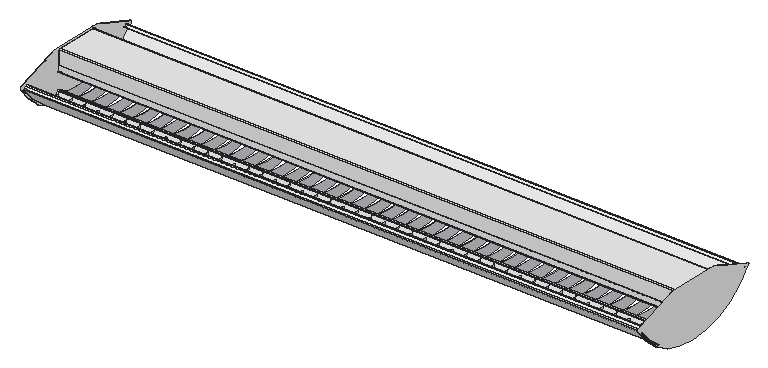
Revit family "LCBA46", category Lighting Fixtures, host Ceiling, Revit 2019 (continued)
Automatic sketch dimensions
  Extrusion 23 sketch curve to Extrusion 23 sketch curve = 0' - 1.81406"
  Extrusion 23 sketch curve to Extrusion 23 sketch curve = 0' - 0"
  Extrusion 23 sketch curve to Extrusion 23 sketch curve = 0' - 3.62674"
  Extrusion 23 sketch curve to Extrusion 23 sketch curve = 0' - 0.001"
  Extrusion 23 sketch curve to Extrusion 23 sketch curve = 0' - 0.13108"
  Extrusion 23 sketch curve to Extrusion 23 sketch curve = 0' - 0.13208"
  Extrusion 23 sketch curve to Extrusion 23 sketch curve = 0' - 0.00107"
  Extrusion 23 sketch curve to Extrusion 23 sketch curve = 0' - 0.00122"
  Extrusion 23 sketch curve to Extrusion 23 sketch curve = 0' - 0.06156"
  Extrusion 23 sketch curve to Extrusion 23 sketch curve = 0' - 0.0618"
  Extrusion 23 sketch curve to Extrusion 23 sketch curve = 0' - 0.29238"
  Extrusion 23 sketch curve to Extrusion 23 sketch curve = 0' - 0.29385"
  Extrusion 23 sketch curve to Extrusion 23 sketch curve = 0' - 0.0434"
  Extrusion 24 sketch curve to Extrusion 24 sketch curve = 0' - 0.05373"
  Extrusion 24 sketch curve to Extrusion 24 sketch curve = 0' - 0.00404"
  Extrusion 24 sketch curve to Extrusion 24 sketch curve = 0' - 0.11777"
  Extrusion 24 sketch curve to Extrusion 24 sketch curve = 0' - 0.06782"
  Extrusion 24 sketch curve to Extrusion 24 sketch curve = 0' - 0.11432"
  Extrusion 24 sketch curve to Extrusion 24 sketch curve = 0' - 0.1164"
  Extrusion 24 sketch curve to Extrusion 24 sketch curve = 0' - 0.04361"
  Extrusion 24 sketch curve to Extrusion 24 sketch curve = 0' - 0.05878"
  Extrusion 24 sketch curve to Extrusion 24 sketch curve = 0' - 0.03078"
  Extrusion 24 sketch curve to Extrusion 24 sketch curve = 0' - 0.03216"
  Extrusion 24 sketch curve to Extrusion 24 sketch curve = 0' - 0.05729"
  Extrusion 24 sketch curve to Extrusion 24 sketch curve = 0' - 0.04577"
  Extrusion 24 sketch curve to Extrusion 24 sketch curve = 0' - 0.06545"
  Extrusion 24 sketch curve to Extrusion 24 sketch curve = 0' - 0.04916"
  Extrusion 24 sketch curve to Extrusion 24 sketch curve = 0' - 0.11521"
  Extrusion 24 sketch curve to Extrusion 24 sketch curve = 0' - 0.11015"
  Extrusion 24 sketch curve to Extrusion 24 sketch curve = 0' - 0.0006"
  Extrusion 24 sketch curve to Extrusion 24 sketch curve = 0' - 0.05701"
  Extrusion 24 sketch curve to Extrusion 24 sketch curve = 0' - 0.04319"
  Extrusion 24 sketch curve to Extrusion 24 sketch curve = 0' - 0.02204"
  Extrusion 24 sketch curve to Extrusion 24 sketch curve = 0' - 0.02148"
  Extrusion 24 sketch curve to Extrusion 24 sketch curve = 0' - 0.08216"
  Extrusion 24 sketch curve to Extrusion 24 sketch curve = 0' - 0.08261"
  Extrusion 24 sketch curve to Extrusion 24 sketch curve = 0' - 1.81406"
  Extrusion 24 sketch curve to Extrusion 24 sketch curve = 0' - 0"
  Extrusion 24 sketch curve to Extrusion 24 sketch curve = 0' - 3.62674"
  Extrusion 24 sketch curve to Extrusion 24 sketch curve = 0' - 0.001"
  Extrusion 24 sketch curve to Extrusion 24 sketch curve = 0' - 0.13108"
  Extrusion 24 sketch curve to Extrusion 24 sketch curve = 0' - 0.13208"
  Extrusion 24 sketch curve to Extrusion 24 sketch curve = 0' - 0.00107"
  Extrusion 24 sketch curve to Extrusion 24 sketch curve = 0' - 0.00122"
  Extrusion 24 sketch curve to Extrusion 24 sketch curve = 0' - 0.06156"
  Extrusion 24 sketch curve to Extrusion 24 sketch curve = 0' - 0.0618"
  Extrusion 24 sketch curve to Extrusion 24 sketch curve = 0' - 0.29238"
  Extrusion 24 sketch curve to Extrusion 24 sketch curve = 0' - 0.29385"
  Extrusion 24 sketch curve to Extrusion 24 sketch curve = 0' - 0.0434"
  Extrusion 25 sketch curve to Extrusion 25 sketch curve = 0' - 0.05373"
  Extrusion 25 sketch curve to Extrusion 25 sketch curve = 0' - 0.00404"
  Extrusion 25 sketch curve to Extrusion 25 sketch curve = 0' - 0.11777"
  Extrusion 25 sketch curve to Extrusion 25 sketch curve = 0' - 0.06782"
  Extrusion 25 sketch curve to Extrusion 25 sketch curve = 0' - 0.11432"
  Extrusion 25 sketch curve to Extrusion 25 sketch curve = 0' - 0.1164"
  Extrusion 25 sketch curve to Extrusion 25 sketch curve = 0' - 0.04361"
  Extrusion 25 sketch curve to Extrusion 25 sketch curve = 0' - 0.05878"
  Extrusion 25 sketch curve to Extrusion 25 sketch curve = 0' - 0.03078"
  Extrusion 25 sketch curve to Extrusion 25 sketch curve = 0' - 0.03216"
  Extrusion 25 sketch curve to Extrusion 25 sketch curve = 0' - 0.05729"
  Extrusion 25 sketch curve to Extrusion 25 sketch curve = 0' - 0.04577"
  Extrusion 25 sketch curve to Extrusion 25 sketch curve = 0' - 0.06545"
  Extrusion 25 sketch curve to Extrusion 25 sketch curve = 0' - 0.04916"
  Extrusion 25 sketch curve to Extrusion 25 sketch curve = 0' - 0.11521"
  Extrusion 25 sketch curve to Extrusion 25 sketch curve = 0' - 0.11015"
  Extrusion 25 sketch curve to Extrusion 25 sketch curve = 0' - 0.0006"
  Extrusion 25 sketch curve to Extrusion 25 sketch curve = 0' - 0.05701"
  Extrusion 25 sketch curve to Extrusion 25 sketch curve = 0' - 0.04319"
  Extrusion 25 sketch curve to Extrusion 25 sketch curve = 0' - 0.02204"
  Extrusion 25 sketch curve to Extrusion 25 sketch curve = 0' - 0.02148"
  Extrusion 25 sketch curve to Extrusion 25 sketch curve = 0' - 0.08216"
  Extrusion 25 sketch curve to Extrusion 25 sketch curve = 0' - 0.08261"
  Extrusion 25 sketch curve to Extrusion 25 sketch curve = 0' - 1.81406"
  Extrusion 25 sketch curve to Extrusion 25 sketch curve = 0' - 0"
  Extrusion 25 sketch curve to Extrusion 25 sketch curve = 0' - 3.62674"
  Extrusion 25 sketch curve to Extrusion 25 sketch curve = 0' - 0.001"
  Extrusion 25 sketch curve to Extrusion 25 sketch curve = 0' - 0.13108"
  Extrusion 25 sketch curve to Extrusion 25 sketch curve = 0' - 0.13208"
  Extrusion 25 sketch curve to Extrusion 25 sketch curve = 0' - 0.00107"
  Extrusion 25 sketch curve to Extrusion 25 sketch curve = 0' - 0.00122"
  Extrusion 25 sketch curve to Extrusion 25 sketch curve = 0' - 0.06156"
  Extrusion 25 sketch curve to Extrusion 25 sketch curve = 0' - 0.0618"
  Extrusion 25 sketch curve to Extrusion 25 sketch curve = 0' - 0.29238"
  Extrusion 25 sketch curve to Extrusion 25 sketch curve = 0' - 0.29385"
  Extrusion 25 sketch curve to Extrusion 25 sketch curve = 0' - 0.0434"
  Extrusion 26 sketch curve to Extrusion 26 sketch curve = 0' - 0.05373"
  Extrusion 26 sketch curve to Extrusion 26 sketch curve = 0' - 0.00404"
  Extrusion 26 sketch curve to Extrusion 26 sketch curve = 0' - 0.11777"
  Extrusion 26 sketch curve to Extrusion 26 sketch curve = 0' - 0.06782"
  Extrusion 26 sketch curve to Extrusion 26 sketch curve = 0' - 0.11432"
  Extrusion 26 sketch curve to Extrusion 26 sketch curve = 0' - 0.1164"
  Extrusion 26 sketch curve to Extrusion 26 sketch curve = 0' - 0.04361"
  Extrusion 26 sketch curve to Extrusion 26 sketch curve = 0' - 0.05878"
  Extrusion 26 sketch curve to Extrusion 26 sketch curve = 0' - 0.03078"
  Extrusion 26 sketch curve to Extrusion 26 sketch curve = 0' - 0.03216"
  Extrusion 26 sketch curve to Extrusion 26 sketch curve = 0' - 0.05729"
  Extrusion 26 sketch curve to Extrusion 26 sketch curve = 0' - 0.04577"
  Extrusion 26 sketch curve to Extrusion 26 sketch curve = 0' - 0.06545"
  Extrusion 26 sketch curve to Extrusion 26 sketch curve = 0' - 0.04916"
  Extrusion 26 sketch curve to Extrusion 26 sketch curve = 0' - 0.11521"
  Extrusion 26 sketch curve to Extrusion 26 sketch curve = 0' - 0.11015"
  Extrusion 26 sketch curve to Extrusion 26 sketch curve = 0' - 0.0006"
  Extrusion 26 sketch curve to Extrusion 26 sketch curve = 0' - 0.05701"
  Extrusion 26 sketch curve to Extrusion 26 sketch curve = 0' - 0.04319"
  Extrusion 26 sketch curve to Extrusion 26 sketch curve = 0' - 0.02204"
  Extrusion 26 sketch curve to Extrusion 26 sketch curve = 0' - 0.02148"
  Extrusion 26 sketch curve to Extrusion 26 sketch curve = 0' - 0.08216"
  Extrusion 26 sketch curve to Extrusion 26 sketch curve = 0' - 0.08261"
  Extrusion 26 sketch curve to Extrusion 26 sketch curve = 0' - 1.81406"
  Extrusion 26 sketch curve to Extrusion 26 sketch curve = 0' - 0"
  Extrusion 26 sketch curve to Extrusion 26 sketch curve = 0' - 3.62674"
  Extrusion 26 sketch curve to Extrusion 26 sketch curve = 0' - 0.001"
  Extrusion 26 sketch curve to Extrusion 26 sketch curve = 0' - 0.13108"
  Extrusion 26 sketch curve to Extrusion 26 sketch curve = 0' - 0.13208"
  Extrusion 26 sketch curve to Extrusion 26 sketch curve = 0' - 0.00107"
  Extrusion 26 sketch curve to Extrusion 26 sketch curve = 0' - 0.00122"
  Extrusion 26 sketch curve to Extrusion 26 sketch curve = 0' - 0.06156"
  Extrusion 26 sketch curve to Extrusion 26 sketch curve = 0' - 0.0618"
  Extrusion 26 sketch curve to Extrusion 26 sketch curve = 0' - 0.29238"
  Extrusion 26 sketch curve to Extrusion 26 sketch curve = 0' - 0.29385"
  Extrusion 26 sketch curve to Extrusion 26 sketch curve = 0' - 0.0434"
  Extrusion 27 sketch curve to Extrusion 27 sketch curve = 0' - 0.05373"
  Extrusion 27 sketch curve to Extrusion 27 sketch curve = 0' - 0.00404"
  Extrusion 27 sketch curve to Extrusion 27 sketch curve = 0' - 0.11777"
  Extrusion 27 sketch curve to Extrusion 27 sketch curve = 0' - 0.06782"
  Extrusion 27 sketch curve to Extrusion 27 sketch curve = 0' - 0.11432"
  Extrusion 27 sketch curve to Extrusion 27 sketch curve = 0' - 0.1164"
  Extrusion 27 sketch curve to Extrusion 27 sketch curve = 0' - 0.04361"
  Extrusion 27 sketch curve to Extrusion 27 sketch curve = 0' - 0.05878"
  Extrusion 27 sketch curve to Extrusion 27 sketch curve = 0' - 0.03078"
  Extrusion 27 sketch curve to Extrusion 27 sketch curve = 0' - 0.03216"
  Extrusion 27 sketch curve to Extrusion 27 sketch curve = 0' - 0.05729"
  Extrusion 27 sketch curve to Extrusion 27 sketch curve = 0' - 0.04577"
  Extrusion 27 sketch curve to Extrusion 27 sketch curve = 0' - 0.06545"
  Extrusion 27 sketch curve to Extrusion 27 sketch curve = 0' - 0.04916"
  Extrusion 27 sketch curve to Extrusion 27 sketch curve = 0' - 0.11521"
  Extrusion 27 sketch curve to Extrusion 27 sketch curve = 0' - 0.11015"
  Extrusion 27 sketch curve to Extrusion 27 sketch curve = 0' - 0.0006"
  Extrusion 27 sketch curve to Extrusion 27 sketch curve = 0' - 0.05701"
  Extrusion 27 sketch curve to Extrusion 27 sketch curve = 0' - 0.04319"
  Extrusion 27 sketch curve to Extrusion 27 sketch curve = 0' - 0.02204"
  Extrusion 27 sketch curve to Extrusion 27 sketch curve = 0' - 0.02148"
  Extrusion 27 sketch curve to Extrusion 27 sketch curve = 0' - 0.08216"
  Extrusion 27 sketch curve to Extrusion 27 sketch curve = 0' - 0.08261"
  Extrusion 27 sketch curve to Extrusion 27 sketch curve = 0' - 1.81406"
  Extrusion 27 sketch curve to Extrusion 27 sketch curve = 0' - 0"
  Extrusion 27 sketch curve to Extrusion 27 sketch curve = 0' - 3.62674"
  Extrusion 27 sketch curve to Extrusion 27 sketch curve = 0' - 0.001"
  Extrusion 27 sketch curve to Extrusion 27 sketch curve = 0' - 0.13108"
  Extrusion 27 sketch curve to Extrusion 27 sketch curve = 0' - 0.13208"
  Extrusion 27 sketch curve to Extrusion 27 sketch curve = 0' - 0.00107"
  Extrusion 27 sketch curve to Extrusion 27 sketch curve = 0' - 0.00122"
  Extrusion 27 sketch curve to Extrusion 27 sketch curve = 0' - 0.06156"
  Extrusion 27 sketch curve to Extrusion 27 sketch curve = 0' - 0.0618"
  Extrusion 27 sketch curve to Extrusion 27 sketch curve = 0' - 0.29238"
  Extrusion 27 sketch curve to Extrusion 27 sketch curve = 0' - 0.29385"
  Extrusion 27 sketch curve to Extrusion 27 sketch curve = 0' - 0.0434"
  Extrusion 28 sketch curve to Extrusion 28 sketch curve = 0' - 0.05373"
  Extrusion 28 sketch curve to Extrusion 28 sketch curve = 0' - 0.00404"
  Extrusion 28 sketch curve to Extrusion 28 sketch curve = 0' - 0.11777"
  Extrusion 28 sketch curve to Extrusion 28 sketch curve = 0' - 0.06782"
  Extrusion 28 sketch curve to Extrusion 28 sketch curve = 0' - 0.11432"
  Extrusion 28 sketch curve to Extrusion 28 sketch curve = 0' - 0.1164"
  Extrusion 28 sketch curve to Extrusion 28 sketch curve = 0' - 0.04361"
  Extrusion 28 sketch curve to Extrusion 28 sketch curve = 0' - 0.05878"
  Extrusion 28 sketch curve to Extrusion 28 sketch curve = 0' - 0.03078"
  Extrusion 28 sketch curve to Extrusion 28 sketch curve = 0' - 0.03216"
  Extrusion 28 sketch curve to Extrusion 28 sketch curve = 0' - 0.05729"
  Extrusion 28 sketch curve to Extrusion 28 sketch curve = 0' - 0.04577"
  Extrusion 28 sketch curve to Extrusion 28 sketch curve = 0' - 0.06545"
  Extrusion 28 sketch curve to Extrusion 28 sketch curve = 0' - 0.04916"
  Extrusion 28 sketch curve to Extrusion 28 sketch curve = 0' - 0.11521"
  Extrusion 28 sketch curve to Extrusion 28 sketch curve = 0' - 0.11015"
  Extrusion 28 sketch curve to Extrusion 28 sketch curve = 0' - 0.0006"
  Extrusion 28 sketch curve to Extrusion 28 sketch curve = 0' - 0.05701"
  Extrusion 28 sketch curve to Extrusion 28 sketch curve = 0' - 0.04319"
  Extrusion 28 sketch curve to Extrusion 28 sketch curve = 0' - 0.02204"
  Extrusion 28 sketch curve to Extrusion 28 sketch curve = 0' - 0.02148"
  Extrusion 28 sketch curve to Extrusion 28 sketch curve = 0' - 0.08216"
  Extrusion 28 sketch curve to Extrusion 28 sketch curve = 0' - 0.08261"
  Extrusion 28 sketch curve to Extrusion 28 sketch curve = 0' - 1.81406"
  Extrusion 28 sketch curve to Extrusion 28 sketch curve = 0' - 0"
  Extrusion 28 sketch curve to Extrusion 28 sketch curve = 0' - 3.62674"
  Extrusion 28 sketch curve to Extrusion 28 sketch curve = 0' - 0.001"
  Extrusion 28 sketch curve to Extrusion 28 sketch curve = 0' - 0.13108"
  Extrusion 28 sketch curve to Extrusion 28 sketch curve = 0' - 0.13208"
  Extrusion 28 sketch curve to Extrusion 28 sketch curve = 0' - 0.00107"
  Extrusion 28 sketch curve to Extrusion 28 sketch curve = 0' - 0.00122"
  Extrusion 28 sketch curve to Extrusion 28 sketch curve = 0' - 0.06156"
  Extrusion 28 sketch curve to Extrusion 28 sketch curve = 0' - 0.0618"
  Extrusion 28 sketch curve to Extrusion 28 sketch curve = 0' - 0.29238"
  Extrusion 28 sketch curve to Extrusion 28 sketch curve = 0' - 0.29385"
  Extrusion 28 sketch curve to Extrusion 28 sketch curve = 0' - 0.0434"
  Extrusion 29 sketch curve to Extrusion 29 sketch curve = 0' - 0.05373"
  Extrusion 29 sketch curve to Extrusion 29 sketch curve = 0' - 0.00404"
  Extrusion 29 sketch curve to Extrusion 29 sketch curve = 0' - 0.11777"
  Extrusion 29 sketch curve to Extrusion 29 sketch curve = 0' - 0.06782"
  Extrusion 29 sketch curve to Extrusion 29 sketch curve = 0' - 0.11432"
  Extrusion 29 sketch curve to Extrusion 29 sketch curve = 0' - 0.1164"
  Extrusion 29 sketch curve to Extrusion 29 sketch curve = 0' - 0.04361"
  Extrusion 29 sketch curve to Extrusion 29 sketch curve = 0' - 0.05878"
  Extrusion 29 sketch curve to Extrusion 29 sketch curve = 0' - 0.03078"
  Extrusion 29 sketch curve to Extrusion 29 sketch curve = 0' - 0.03216"
  Extrusion 29 sketch curve to Extrusion 29 sketch curve = 0' - 0.05729"
  Extrusion 29 sketch curve to Extrusion 29 sketch curve = 0' - 0.04577"
  Extrusion 29 sketch curve to Extrusion 29 sketch curve = 0' - 0.06545"
  Extrusion 29 sketch curve to Extrusion 29 sketch curve = 0' - 0.04916"
  Extrusion 29 sketch curve to Extrusion 29 sketch curve = 0' - 0.11521"
  Extrusion 29 sketch curve to Extrusion 29 sketch curve = 0' - 0.11015"
  Extrusion 29 sketch curve to Extrusion 29 sketch curve = 0' - 0.0006"
  Extrusion 29 sketch curve to Extrusion 29 sketch curve = 0' - 0.05701"
  Extrusion 29 sketch curve to Extrusion 29 sketch curve = 0' - 0.04319"
  Extrusion 29 sketch curve to Extrusion 29 sketch curve = 0' - 0.02204"
  Extrusion 29 sketch curve to Extrusion 29 sketch curve = 0' - 0.02148"
  Extrusion 29 sketch curve to Extrusion 29 sketch curve = 0' - 0.08216"
  Extrusion 29 sketch curve to Extrusion 29 sketch curve = 0' - 0.08261"
  Extrusion 29 sketch curve to Extrusion 29 sketch curve = 0' - 1.81406"
  Extrusion 29 sketch curve to Extrusion 29 sketch curve = 0' - 0"
  Extrusion 29 sketch curve to Extrusion 29 sketch curve = 0' - 3.62674"
  Extrusion 29 sketch curve to Extrusion 29 sketch curve = 0' - 0.001"
  Extrusion 29 sketch curve to Extrusion 29 sketch curve = 0' - 0.13108"
  Extrusion 29 sketch curve to Extrusion 29 sketch curve = 0' - 0.13208"
  Extrusion 29 sketch curve to Extrusion 29 sketch curve = 0' - 0.00107"
  Extrusion 29 sketch curve to Extrusion 29 sketch curve = 0' - 0.00122"
  Extrusion 29 sketch curve to Extrusion 29 sketch curve = 0' - 0.06156"
  Extrusion 29 sketch curve to Extrusion 29 sketch curve = 0' - 0.0618"
  Extrusion 29 sketch curve to Extrusion 29 sketch curve = 0' - 0.29238"
  Extrusion 29 sketch curve to Extrusion 29 sketch curve = 0' - 0.29385"
  Extrusion 29 sketch curve to Extrusion 29 sketch curve = 0' - 0.0434"
  Extrusion 30 sketch curve to Extrusion 30 sketch curve = 0' - 0.05373"
  Extrusion 30 sketch curve to Extrusion 30 sketch curve = 0' - 0.00404"
  Extrusion 30 sketch curve to Extrusion 30 sketch curve = 0' - 0.11777"
  Extrusion 30 sketch curve to Extrusion 30 sketch curve = 0' - 0.06782"
  Extrusion 30 sketch curve to Extrusion 30 sketch curve = 0' - 0.11432"
  Extrusion 30 sketch curve to Extrusion 30 sketch curve = 0' - 0.1164"
  Extrusion 30 sketch curve to Extrusion 30 sketch curve = 0' - 0.04361"
  Extrusion 30 sketch curve to Extrusion 30 sketch curve = 0' - 0.05878"
  Extrusion 30 sketch curve to Extrusion 30 sketch curve = 0' - 0.03078"
  Extrusion 30 sketch curve to Extrusion 30 sketch curve = 0' - 0.03216"
  Extrusion 30 sketch curve to Extrusion 30 sketch curve = 0' - 0.05729"
  Extrusion 30 sketch curve to Extrusion 30 sketch curve = 0' - 0.04577"
  Extrusion 30 sketch curve to Extrusion 30 sketch curve = 0' - 0.06545"
  Extrusion 30 sketch curve to Extrusion 30 sketch curve = 0' - 0.04916"
  Extrusion 30 sketch curve to Extrusion 30 sketch curve = 0' - 0.11521"
  Extrusion 30 sketch curve to Extrusion 30 sketch curve = 0' - 0.11015"
  Extrusion 30 sketch curve to Extrusion 30 sketch curve = 0' - 0.0006"
  Extrusion 30 sketch curve to Extrusion 30 sketch curve = 0' - 0.05701"
  Extrusion 30 sketch curve to Extrusion 30 sketch curve = 0' - 0.04319"
  Extrusion 30 sketch curve to Extrusion 30 sketch curve = 0' - 0.02204"
  Extrusion 30 sketch curve to Extrusion 30 sketch curve = 0' - 0.02148"
  Extrusion 30 sketch curve to Extrusion 30 sketch curve = 0' - 0.08216"
  Extrusion 30 sketch curve to Extrusion 30 sketch curve = 0' - 0.08261"
  Extrusion 30 sketch curve to Extrusion 30 sketch curve = 0' - 1.81406"
  Extrusion 30 sketch curve to Extrusion 30 sketch curve = 0' - 0"
  Extrusion 30 sketch curve to Extrusion 30 sketch curve = 0' - 3.62674"
  Extrusion 30 sketch curve to Extrusion 30 sketch curve = 0' - 0.001"
  Extrusion 30 sketch curve to Extrusion 30 sketch curve = 0' - 0.13108"
  Extrusion 30 sketch curve to Extrusion 30 sketch curve = 0' - 0.13208"
  Extrusion 30 sketch curve to Extrusion 30 sketch curve = 0' - 0.00107"
  Extrusion 30 sketch curve to Extrusion 30 sketch curve = 0' - 0.00122"
  Extrusion 30 sketch curve to Extrusion 30 sketch curve = 0' - 0.06156"
  Extrusion 30 sketch curve to Extrusion 30 sketch curve = 0' - 0.0618"
  Extrusion 30 sketch curve to Extrusion 30 sketch curve = 0' - 0.29238"
  Extrusion 30 sketch curve to Extrusion 30 sketch curve = 0' - 0.29385"
  Extrusion 30 sketch curve to Extrusion 30 sketch curve = 0' - 0.0434"
  Extrusion 31 sketch curve to Extrusion 31 sketch curve = 0' - 0.05373"
  Extrusion 31 sketch curve to Extrusion 31 sketch curve = 0' - 0.00404"
  Extrusion 31 sketch curve to Extrusion 31 sketch curve = 0' - 0.11777"
  Extrusion 31 sketch curve to Extrusion 31 sketch curve = 0' - 0.06782"
  Extrusion 31 sketch curve to Extrusion 31 sketch curve = 0' - 0.11432"
  Extrusion 31 sketch curve to Extrusion 31 sketch curve = 0' - 0.1164"
  Extrusion 31 sketch curve to Extrusion 31 sketch curve = 0' - 0.04361"
  Extrusion 31 sketch curve to Extrusion 31 sketch curve = 0' - 0.05878"
  Extrusion 31 sketch curve to Extrusion 31 sketch curve = 0' - 0.03078"
  Extrusion 31 sketch curve to Extrusion 31 sketch curve = 0' - 0.03216"
  Extrusion 31 sketch curve to Extrusion 31 sketch curve = 0' - 0.05729"
  Extrusion 31 sketch curve to Extrusion 31 sketch curve = 0' - 0.04577"
  Extrusion 31 sketch curve to Extrusion 31 sketch curve = 0' - 0.06545"
  Extrusion 31 sketch curve to Extrusion 31 sketch curve = 0' - 0.04916"
  Extrusion 31 sketch curve to Extrusion 31 sketch curve = 0' - 0.11521"
  Extrusion 31 sketch curve to Extrusion 31 sketch curve = 0' - 0.11015"
  Extrusion 31 sketch curve to Extrusion 31 sketch curve = 0' - 0.0006"
  Extrusion 31 sketch curve to Extrusion 31 sketch curve = 0' - 0.05701"
  Extrusion 31 sketch curve to Extrusion 31 sketch curve = 0' - 0.04319"
  Extrusion 31 sketch curve to Extrusion 31 sketch curve = 0' - 0.02204"
  Extrusion 31 sketch curve to Extrusion 31 sketch curve = 0' - 0.02148"
  Extrusion 31 sketch curve to Extrusion 31 sketch curve = 0' - 0.08216"
  Extrusion 31 sketch curve to Extrusion 31 sketch curve = 0' - 0.08261"
  Extrusion 31 sketch curve to Extrusion 31 sketch curve = 0' - 1.81406"
  Extrusion 31 sketch curve to Extrusion 31 sketch curve = 0' - 0"
  Extrusion 31 sketch curve to Extrusion 31 sketch curve = 0' - 3.62674"
  Extrusion 31 sketch curve to Extrusion 31 sketch curve = 0' - 0.001"
  Extrusion 31 sketch curve to Extrusion 31 sketch curve = 0' - 0.13108"
  Extrusion 31 sketch curve to Extrusion 31 sketch curve = 0' - 0.13208"
  Extrusion 31 sketch curve to Extrusion 31 sketch curve = 0' - 0.00107"
  Extrusion 31 sketch curve to Extrusion 31 sketch curve = 0' - 0.00122"
  Extrusion 31 sketch curve to Extrusion 31 sketch curve = 0' - 0.06156"
  Extrusion 31 sketch curve to Extrusion 31 sketch curve = 0' - 0.0618"
  Extrusion 31 sketch curve to Extrusion 31 sketch curve = 0' - 0.29238"
  Extrusion 31 sketch curve to Extrusion 31 sketch curve = 0' - 0.29385"
  Extrusion 31 sketch curve to Extrusion 31 sketch curve = 0' - 0.0434"
  Extrusion 32 sketch curve to Extrusion 32 sketch curve = 0' - 0.05373"
  Extrusion 32 sketch curve to Extrusion 32 sketch curve = 0' - 0.00404"
  Extrusion 32 sketch curve to Extrusion 32 sketch curve = 0' - 0.11777"
  Extrusion 32 sketch curve to Extrusion 32 sketch curve = 0' - 0.06782"
  Extrusion 32 sketch curve to Extrusion 32 sketch curve = 0' - 0.11432"
  Extrusion 32 sketch curve to Extrusion 32 sketch curve = 0' - 0.1164"
  Extrusion 32 sketch curve to Extrusion 32 sketch curve = 0' - 0.04361"
  Extrusion 32 sketch curve to Extrusion 32 sketch curve = 0' - 0.05878"
  Extrusion 32 sketch curve to Extrusion 32 sketch curve = 0' - 0.03078"
  Extrusion 32 sketch curve to Extrusion 32 sketch curve = 0' - 0.03216"
  Extrusion 32 sketch curve to Extrusion 32 sketch curve = 0' - 0.05729"
  Extrusion 32 sketch curve to Extrusion 32 sketch curve = 0' - 0.04577"
  Extrusion 32 sketch curve to Extrusion 32 sketch curve = 0' - 0.06545"
  Extrusion 32 sketch curve to Extrusion 32 sketch curve = 0' - 0.04916"
  Extrusion 32 sketch curve to Extrusion 32 sketch curve = 0' - 0.11521"
  Extrusion 32 sketch curve to Extrusion 32 sketch curve = 0' - 0.11015"
  Extrusion 32 sketch curve to Extrusion 32 sketch curve = 0' - 0.0006"
  Extrusion 32 sketch curve to Extrusion 32 sketch curve = 0' - 0.05701"
  Extrusion 32 sketch curve to Extrusion 32 sketch curve = 0' - 0.04319"
  Extrusion 32 sketch curve to Extrusion 32 sketch curve = 0' - 0.02204"
  Extrusion 32 sketch curve to Extrusion 32 sketch curve = 0' - 0.02148"
  Extrusion 32 sketch curve to Extrusion 32 sketch curve = 0' - 0.08216"
  Extrusion 32 sketch curve to Extrusion 32 sketch curve = 0' - 0.08261"
  Extrusion 32 sketch curve to Extrusion 32 sketch curve = 0' - 1.81406"
  Extrusion 32 sketch curve to Extrusion 32 sketch curve = 0' - 0"
  Extrusion 32 sketch curve to Extrusion 32 sketch curve = 0' - 3.62674"
  Extrusion 32 sketch curve to Extrusion 32 sketch curve = 0' - 0.001"
  Extrusion 32 sketch curve to Extrusion 32 sketch curve = 0' - 0.13108"
  Extrusion 32 sketch curve to Extrusion 32 sketch curve = 0' - 0.13208"
  Extrusion 32 sketch curve to Extrusion 32 sketch curve = 0' - 0.00107"
  Extrusion 32 sketch curve to Extrusion 32 sketch curve = 0' - 0.00122"
  Extrusion 32 sketch curve to Extrusion 32 sketch curve = 0' - 0.06156"
  Extrusion 32 sketch curve to Extrusion 32 sketch curve = 0' - 0.0618"
  Extrusion 32 sketch curve to Extrusion 32 sketch curve = 0' - 0.29238"
  Extrusion 32 sketch curve to Extrusion 32 sketch curve = 0' - 0.29385"
  Extrusion 32 sketch curve to Extrusion 32 sketch curve = 0' - 0.0434"
  Extrusion 33 sketch curve to Extrusion 33 sketch curve = 0' - 0.05373"
  Extrusion 33 sketch curve to Extrusion 33 sketch curve = 0' - 0.00404"
  Extrusion 33 sketch curve to Extrusion 33 sketch curve = 0' - 0.11777"
  Extrusion 33 sketch curve to Extrusion 33 sketch curve = 0' - 0.06782"
  Extrusion 33 sketch curve to Extrusion 33 sketch curve = 0' - 0.11432"
  Extrusion 33 sketch curve to Extrusion 33 sketch curve = 0' - 0.1164"
  Extrusion 33 sketch curve to Extrusion 33 sketch curve = 0' - 0.04361"
  Extrusion 33 sketch curve to Extrusion 33 sketch curve = 0' - 0.05878"
  Extrusion 33 sketch curve to Extrusion 33 sketch curve = 0' - 0.03078"
  Extrusion 33 sketch curve to Extrusion 33 sketch curve = 0' - 0.03216"
  Extrusion 33 sketch curve to Extrusion 33 sketch curve = 0' - 0.05729"
  Extrusion 33 sketch curve to Extrusion 33 sketch curve = 0' - 0.04577"
  Extrusion 33 sketch curve to Extrusion 33 sketch curve = 0' - 0.06545"
  Extrusion 33 sketch curve to Extrusion 33 sketch curve = 0' - 0.04916"
  Extrusion 33 sketch curve to Extrusion 33 sketch curve = 0' - 0.11521"
  Extrusion 33 sketch curve to Extrusion 33 sketch curve = 0' - 0.11015"
  Extrusion 33 sketch curve to Extrusion 33 sketch curve = 0' - 0.0006"
  Extrusion 33 sketch curve to Extrusion 33 sketch curve = 0' - 0.05701"
  Extrusion 33 sketch curve to Extrusion 33 sketch curve = 0' - 0.04319"
  Extrusion 33 sketch curve to Extrusion 33 sketch curve = 0' - 0.02204"
  Extrusion 33 sketch curve to Extrusion 33 sketch curve = 0' - 0.02148"
  Extrusion 33 sketch curve to Extrusion 33 sketch curve = 0' - 0.08216"
  Extrusion 33 sketch curve to Extrusion 33 sketch curve = 0' - 0.08261"
  Extrusion 33 sketch curve to Extrusion 33 sketch curve = 0' - 1.81406"
  Extrusion 33 sketch curve to Extrusion 33 sketch curve = 0' - 0"
  Extrusion 33 sketch curve to Extrusion 33 sketch curve = 0' - 3.62674"
  Extrusion 33 sketch curve to Extrusion 33 sketch curve = 0' - 0.001"
  Extrusion 33 sketch curve to Extrusion 33 sketch curve = 0' - 0.13108"
  Extrusion 33 sketch curve to Extrusion 33 sketch curve = 0' - 0.13208"
  Extrusion 33 sketch curve to Extrusion 33 sketch curve = 0' - 0.00107"
  Extrusion 33 sketch curve to Extrusion 33 sketch curve = 0' - 0.00122"
  Extrusion 33 sketch curve to Extrusion 33 sketch curve = 0' - 0.06156"
  Extrusion 33 sketch curve to Extrusion 33 sketch curve = 0' - 0.0618"
  Extrusion 33 sketch curve to Extrusion 33 sketch curve = 0' - 0.29238"
  Extrusion 33 sketch curve to Extrusion 33 sketch curve = 0' - 0.29385"
  Extrusion 33 sketch curve to Extrusion 33 sketch curve = 0' - 0.0434"
  Extrusion 34 sketch curve to Extrusion 34 sketch curve = 0' - 0.05373"
  Extrusion 34 sketch curve to Extrusion 34 sketch curve = 0' - 0.00404"
  Extrusion 34 sketch curve to Extrusion 34 sketch curve = 0' - 0.11777"
  Extrusion 34 sketch curve to Extrusion 34 sketch curve = 0' - 0.06782"
  Extrusion 34 sketch curve to Extrusion 34 sketch curve = 0' - 0.11432"
  Extrusion 34 sketch curve to Extrusion 34 sketch curve = 0' - 0.1164"
  Extrusion 34 sketch curve to Extrusion 34 sketch curve = 0' - 0.04361"
  Extrusion 34 sketch curve to Extrusion 34 sketch curve = 0' - 0.05878"
  Extrusion 34 sketch curve to Extrusion 34 sketch curve = 0' - 0.03078"
  Extrusion 34 sketch curve to Extrusion 34 sketch curve = 0' - 0.03216"
  Extrusion 34 sketch curve to Extrusion 34 sketch curve = 0' - 0.05729"
  Extrusion 34 sketch curve to Extrusion 34 sketch curve = 0' - 0.04577"
  Extrusion 34 sketch curve to Extrusion 34 sketch curve = 0' - 0.06545"
  Extrusion 34 sketch curve to Extrusion 34 sketch curve = 0' - 0.04916"
  Extrusion 34 sketch curve to Extrusion 34 sketch curve = 0' - 0.11521"
  Extrusion 34 sketch curve to Extrusion 34 sketch curve = 0' - 0.11015"
  Extrusion 34 sketch curve to Extrusion 34 sketch curve = 0' - 0.0006"
  Extrusion 34 sketch curve to Extrusion 34 sketch curve = 0' - 0.05701"
  Extrusion 34 sketch curve to Extrusion 34 sketch curve = 0' - 0.04319"
  Extrusion 34 sketch curve to Extrusion 34 sketch curve = 0' - 0.02204"
  Extrusion 34 sketch curve to Extrusion 34 sketch curve = 0' - 0.02148"
  Extrusion 34 sketch curve to Extrusion 34 sketch curve = 0' - 0.08216"
  Extrusion 34 sketch curve to Extrusion 34 sketch curve = 0' - 0.08261"
  Extrusion 34 sketch curve to Extrusion 34 sketch curve = 0' - 1.81406"
  Extrusion 34 sketch curve to Extrusion 34 sketch curve = 0' - 0"
  Extrusion 34 sketch curve to Extrusion 34 sketch curve = 0' - 3.62674"
  Extrusion 34 sketch curve to Extrusion 34 sketch curve = 0' - 0.001"
  Extrusion 34 sketch curve to Extrusion 34 sketch curve = 0' - 0.13108"
  Extrusion 34 sketch curve to Extrusion 34 sketch curve = 0' - 0.13208"
  Extrusion 34 sketch curve to Extrusion 34 sketch curve = 0' - 0.00107"
  Extrusion 34 sketch curve to Extrusion 34 sketch curve = 0' - 0.00122"
  Extrusion 34 sketch curve to Extrusion 34 sketch curve = 0' - 0.06156"
  Extrusion 34 sketch curve to Extrusion 34 sketch curve = 0' - 0.0618"
  Extrusion 34 sketch curve to Extrusion 34 sketch curve = 0' - 0.29238"
  Extrusion 34 sketch curve to Extrusion 34 sketch curve = 0' - 0.29385"
  Extrusion 34 sketch curve to Extrusion 34 sketch curve = 0' - 0.0434"
  Extrusion 35 sketch curve to Extrusion 35 sketch curve = 0' - 0.05373"
  Extrusion 35 sketch curve to Extrusion 35 sketch curve = 0' - 0.00404"
  Extrusion 35 sketch curve to Extrusion 35 sketch curve = 0' - 0.11777"
  Extrusion 35 sketch curve to Extrusion 35 sketch curve = 0' - 0.06782"
  Extrusion 35 sketch curve to Extrusion 35 sketch curve = 0' - 0.11432"
  Extrusion 35 sketch curve to Extrusion 35 sketch curve = 0' - 0.1164"
  Extrusion 35 sketch curve to Extrusion 35 sketch curve = 0' - 0.04361"
  Extrusion 35 sketch curve to Extrusion 35 sketch curve = 0' - 0.05878"
  Extrusion 35 sketch curve to Extrusion 35 sketch curve = 0' - 0.03078"
  Extrusion 35 sketch curve to Extrusion 35 sketch curve = 0' - 0.03216"
  Extrusion 35 sketch curve to Extrusion 35 sketch curve = 0' - 0.05729"
  Extrusion 35 sketch curve to Extrusion 35 sketch curve = 0' - 0.04577"
  Extrusion 35 sketch curve to Extrusion 35 sketch curve = 0' - 0.06545"
  Extrusion 35 sketch curve to Extrusion 35 sketch curve = 0' - 0.04916"
  Extrusion 35 sketch curve to Extrusion 35 sketch curve = 0' - 0.11521"
  Extrusion 35 sketch curve to Extrusion 35 sketch curve = 0' - 0.11015"
  Extrusion 35 sketch curve to Extrusion 35 sketch curve = 0' - 0.0006"
  Extrusion 35 sketch curve to Extrusion 35 sketch curve = 0' - 0.05701"
  Extrusion 35 sketch curve to Extrusion 35 sketch curve = 0' - 0.04319"
  Extrusion 35 sketch curve to Extrusion 35 sketch curve = 0' - 0.02204"
  Extrusion 35 sketch curve to Extrusion 35 sketch curve = 0' - 0.02148"
  Extrusion 35 sketch curve to Extrusion 35 sketch curve = 0' - 0.08216"
  Extrusion 35 sketch curve to Extrusion 35 sketch curve = 0' - 0.08261"
  Extrusion 35 sketch curve to Extrusion 35 sketch curve = 0' - 1.81406"
  Extrusion 35 sketch curve to Extrusion 35 sketch curve = 0' - 0"
  Extrusion 35 sketch curve to Extrusion 35 sketch curve = 0' - 3.62674"
  Extrusion 35 sketch curve to Extrusion 35 sketch curve = 0' - 0.001"
  Extrusion 35 sketch curve to Extrusion 35 sketch curve = 0' - 0.13108"
  Extrusion 35 sketch curve to Extrusion 35 sketch curve = 0' - 0.13208"
  Extrusion 35 sketch curve to Extrusion 35 sketch curve = 0' - 0.00107"
  Extrusion 35 sketch curve to Extrusion 35 sketch curve = 0' - 0.00122"
  Extrusion 35 sketch curve to Extrusion 35 sketch curve = 0' - 0.06156"
  Extrusion 35 sketch curve to Extrusion 35 sketch curve = 0' - 0.0618"
  Extrusion 35 sketch curve to Extrusion 35 sketch curve = 0' - 0.29238"
  Extrusion 35 sketch curve to Extrusion 35 sketch curve = 0' - 0.29385"
  Extrusion 35 sketch curve to Extrusion 35 sketch curve = 0' - 0.0434"
  Extrusion 36 sketch curve to Extrusion 36 sketch curve = 0' - 0.05373"
  Extrusion 36 sketch curve to Extrusion 36 sketch curve = 0' - 0.00404"
  Extrusion 36 sketch curve to Extrusion 36 sketch curve = 0' - 0.11777"
  Extrusion 36 sketch curve to Extrusion 36 sketch curve = 0' - 0.06782"
  Extrusion 36 sketch curve to Extrusion 36 sketch curve = 0' - 0.11432"
  Extrusion 36 sketch curve to Extrusion 36 sketch curve = 0' - 0.1164"
  Extrusion 36 sketch curve to Extrusion 36 sketch curve = 0' - 0.04361"
  Extrusion 36 sketch curve to Extrusion 36 sketch curve = 0' - 0.05878"
  Extrusion 36 sketch curve to Extrusion 36 sketch curve = 0' - 0.03078"
  Extrusion 36 sketch curve to Extrusion 36 sketch curve = 0' - 0.03216"
  Extrusion 36 sketch curve to Extrusion 36 sketch curve = 0' - 0.05729"
  Extrusion 36 sketch curve to Extrusion 36 sketch curve = 0' - 0.04577"
  Extrusion 36 sketch curve to Extrusion 36 sketch curve = 0' - 0.06545"
  Extrusion 36 sketch curve to Extrusion 36 sketch curve = 0' - 0.04916"
  Extrusion 36 sketch curve to Extrusion 36 sketch curve = 0' - 0.11521"
  Extrusion 36 sketch curve to Extrusion 36 sketch curve = 0' - 0.11015"
  Extrusion 36 sketch curve to Extrusion 36 sketch curve = 0' - 0.0006"
  Extrusion 36 sketch curve to Extrusion 36 sketch curve = 0' - 0.05701"
  Extrusion 36 sketch curve to Extrusion 36 sketch curve = 0' - 0.04319"
  Extrusion 36 sketch curve to Extrusion 36 sketch curve = 0' - 0.02204"
  Extrusion 36 sketch curve to Extrusion 36 sketch curve = 0' - 0.02148"
  Extrusion 36 sketch curve to Extrusion 36 sketch curve = 0' - 0.08216"
  Extrusion 36 sketch curve to Extrusion 36 sketch curve = 0' - 0.08261"
  Extrusion 36 sketch curve to Extrusion 36 sketch curve = 0' - 1.81406"
  Extrusion 36 sketch curve to Extrusion 36 sketch curve = 0' - 0"
  Extrusion 36 sketch curve to Extrusion 36 sketch curve = 0' - 3.62674"
  Extrusion 36 sketch curve to Extrusion 36 sketch curve = 0' - 0.001"
  Extrusion 36 sketch curve to Extrusion 36 sketch curve = 0' - 0.13108"
  Extrusion 36 sketch curve to Extrusion 36 sketch curve = 0' - 0.13208"
  Extrusion 36 sketch curve to Extrusion 36 sketch curve = 0' - 0.00107"
  Extrusion 36 sketch curve to Extrusion 36 sketch curve = 0' - 0.00122"
  Extrusion 36 sketch curve to Extrusion 36 sketch curve = 0' - 0.06156"
  Extrusion 36 sketch curve to Extrusion 36 sketch curve = 0' - 0.0618"
  Extrusion 36 sketch curve to Extrusion 36 sketch curve = 0' - 0.29238"
  Extrusion 36 sketch curve to Extrusion 36 sketch curve = 0' - 0.29385"
  Extrusion 36 sketch curve to Extrusion 36 sketch curve = 0' - 0.0434"
  Extrusion 37 sketch curve to Extrusion 37 sketch curve = 0' - 0.05373"
  Extrusion 37 sketch curve to Extrusion 37 sketch curve = 0' - 0.00404"
  Extrusion 37 sketch curve to Extrusion 37 sketch curve = 0' - 0.11777"
  Extrusion 37 sketch curve to Extrusion 37 sketch curve = 0' - 0.06782"
  Extrusion 37 sketch curve to Extrusion 37 sketch curve = 0' - 0.11432"
  Extrusion 37 sketch curve to Extrusion 37 sketch curve = 0' - 0.1164"
  Extrusion 37 sketch curve to Extrusion 37 sketch curve = 0' - 0.04361"
  Extrusion 37 sketch curve to Extrusion 37 sketch curve = 0' - 0.05878"
  Extrusion 37 sketch curve to Extrusion 37 sketch curve = 0' - 0.03078"
  Extrusion 37 sketch curve to Extrusion 37 sketch curve = 0' - 0.03216"
  Extrusion 37 sketch curve to Extrusion 37 sketch curve = 0' - 0.05729"
  Extrusion 37 sketch curve to Extrusion 37 sketch curve = 0' - 0.04577"
  Extrusion 37 sketch curve to Extrusion 37 sketch curve = 0' - 0.06545"
  Extrusion 37 sketch curve to Extrusion 37 sketch curve = 0' - 0.04916"
  Extrusion 37 sketch curve to Extrusion 37 sketch curve = 0' - 0.11521"
  Extrusion 37 sketch curve to Extrusion 37 sketch curve = 0' - 0.11015"
  Extrusion 37 sketch curve to Extrusion 37 sketch curve = 0' - 0.0006"
  Extrusion 37 sketch curve to Extrusion 37 sketch curve = 0' - 0.05701"
  Extrusion 37 sketch curve to Extrusion 37 sketch curve = 0' - 0.04319"
  Extrusion 37 sketch curve to Extrusion 37 sketch curve = 0' - 0.02204"
  Extrusion 37 sketch curve to Extrusion 37 sketch curve = 0' - 0.02148"
  Extrusion 37 sketch curve to Extrusion 37 sketch curve = 0' - 0.08216"
  Extrusion 37 sketch curve to Extrusion 37 sketch curve = 0' - 0.08261"
  Extrusion 37 sketch curve to Extrusion 37 sketch curve = 0' - 1.81406"
  Extrusion 37 sketch curve to Extrusion 37 sketch curve = 0' - 0"
  Extrusion 37 sketch curve to Extrusion 37 sketch curve = 0' - 3.62674"
  Extrusion 37 sketch curve to Extrusion 37 sketch curve = 0' - 0.001"
  Extrusion 37 sketch curve to Extrusion 37 sketch curve = 0' - 0.13108"
  Extrusion 37 sketch curve to Extrusion 37 sketch curve = 0' - 0.13208"
  Extrusion 37 sketch curve to Extrusion 37 sketch curve = 0' - 0.00107"
  Extrusion 37 sketch curve to Extrusion 37 sketch curve = 0' - 0.00122"
  Extrusion 37 sketch curve to Extrusion 37 sketch curve = 0' - 0.06156"
  Extrusion 37 sketch curve to Extrusion 37 sketch curve = 0' - 0.0618"
  Extrusion 37 sketch curve to Extrusion 37 sketch curve = 0' - 0.29238"
  Extrusion 37 sketch curve to Extrusion 37 sketch curve = 0' - 0.29385"
  Extrusion 37 sketch curve to Extrusion 37 sketch curve = 0' - 0.0434"
  Extrusion 38 sketch curve to Extrusion 38 sketch curve = 0' - 0.05373"
  Extrusion 38 sketch curve to Extrusion 38 sketch curve = 0' - 0.00404"
  Extrusion 38 sketch curve to Extrusion 38 sketch curve = 0' - 0.11777"
  Extrusion 38 sketch curve to Extrusion 38 sketch curve = 0' - 0.06782"
  Extrusion 38 sketch curve to Extrusion 38 sketch curve = 0' - 0.11432"
  Extrusion 38 sketch curve to Extrusion 38 sketch curve = 0' - 0.1164"
  Extrusion 38 sketch curve to Extrusion 38 sketch curve = 0' - 0.04361"
  Extrusion 38 sketch curve to Extrusion 38 sketch curve = 0' - 0.05878"
  Extrusion 38 sketch curve to Extrusion 38 sketch curve = 0' - 0.03078"
  Extrusion 38 sketch curve to Extrusion 38 sketch curve = 0' - 0.03216"
  Extrusion 38 sketch curve to Extrusion 38 sketch curve = 0' - 0.05729"
  Extrusion 38 sketch curve to Extrusion 38 sketch curve = 0' - 0.04577"
  Extrusion 38 sketch curve to Extrusion 38 sketch curve = 0' - 0.06545"
  Extrusion 38 sketch curve to Extrusion 38 sketch curve = 0' - 0.04916"
  Extrusion 38 sketch curve to Extrusion 38 sketch curve = 0' - 0.11521"
  Extrusion 38 sketch curve to Extrusion 38 sketch curve = 0' - 0.11015"
  Extrusion 38 sketch curve to Extrusion 38 sketch curve = 0' - 0.0006"
  Extrusion 38 sketch curve to Extrusion 38 sketch curve = 0' - 0.05701"
  Extrusion 38 sketch curve to Extrusion 38 sketch curve = 0' - 0.04319"
  Extrusion 38 sketch curve to Extrusion 38 sketch curve = 0' - 0.02204"
  Extrusion 38 sketch curve to Extrusion 38 sketch curve = 0' - 0.02148"
  Extrusion 38 sketch curve to Extrusion 38 sketch curve = 0' - 0.08216"
  Extrusion 38 sketch curve to Extrusion 38 sketch curve = 0' - 0.08261"
  Extrusion 38 sketch curve to Extrusion 38 sketch curve = 0' - 1.81406"
  Extrusion 38 sketch curve to Extrusion 38 sketch curve = 0' - 0"
  Extrusion 38 sketch curve to Extrusion 38 sketch curve = 0' - 3.62674"
  Extrusion 38 sketch curve to Extrusion 38 sketch curve = 0' - 0.001"
  Extrusion 38 sketch curve to Extrusion 38 sketch curve = 0' - 0.13108"
  Extrusion 38 sketch curve to Extrusion 38 sketch curve = 0' - 0.13208"
  Extrusion 38 sketch curve to Extrusion 38 sketch curve = 0' - 0.00107"
  Extrusion 38 sketch curve to Extrusion 38 sketch curve = 0' - 0.00122"
  Extrusion 38 sketch curve to Extrusion 38 sketch curve = 0' - 0.06156"
  Extrusion 38 sketch curve to Extrusion 38 sketch curve = 0' - 0.0618"
  Extrusion 38 sketch curve to Extrusion 38 sketch curve = 0' - 0.29238"
  Extrusion 38 sketch curve to Extrusion 38 sketch curve = 0' - 0.29385"
  Extrusion 38 sketch curve to Extrusion 38 sketch curve = 0' - 0.0434"
  Extrusion 39 sketch curve to Extrusion 39 sketch curve = 0' - 0.05373"
  Extrusion 39 sketch curve to Extrusion 39 sketch curve = 0' - 0.00404"
  Extrusion 39 sketch curve to Extrusion 39 sketch curve = 0' - 0.11777"
  Extrusion 39 sketch curve to Extrusion 39 sketch curve = 0' - 0.06782"
  Extrusion 39 sketch curve to Extrusion 39 sketch curve = 0' - 0.11432"
  Extrusion 39 sketch curve to Extrusion 39 sketch curve = 0' - 0.1164"
  Extrusion 39 sketch curve to Extrusion 39 sketch curve = 0' - 0.04361"
  Extrusion 39 sketch curve to Extrusion 39 sketch curve = 0' - 0.05878"
  Extrusion 39 sketch curve to Extrusion 39 sketch curve = 0' - 0.03078"
  Extrusion 39 sketch curve to Extrusion 39 sketch curve = 0' - 0.03216"
  Extrusion 39 sketch curve to Extrusion 39 sketch curve = 0' - 0.05729"
  Extrusion 39 sketch curve to Extrusion 39 sketch curve = 0' - 0.04577"
  Extrusion 39 sketch curve to Extrusion 39 sketch curve = 0' - 0.06545"
  Extrusion 39 sketch curve to Extrusion 39 sketch curve = 0' - 0.04916"
  Extrusion 39 sketch curve to Extrusion 39 sketch curve = 0' - 0.11521"
  Extrusion 39 sketch curve to Extrusion 39 sketch curve = 0' - 0.11015"
  Extrusion 39 sketch curve to Extrusion 39 sketch curve = 0' - 0.0006"
  Extrusion 39 sketch curve to Extrusion 39 sketch curve = 0' - 0.05701"
  Extrusion 39 sketch curve to Extrusion 39 sketch curve = 0' - 0.04319"
  Extrusion 39 sketch curve to Extrusion 39 sketch curve = 0' - 0.02204"
  Extrusion 39 sketch curve to Extrusion 39 sketch curve = 0' - 0.02148"
  Extrusion 39 sketch curve to Extrusion 39 sketch curve = 0' - 0.08216"
  Extrusion 39 sketch curve to Extrusion 39 sketch curve = 0' - 0.08261"
  Extrusion 39 sketch curve to Extrusion 39 sketch curve = 0' - 1.81406"
  Extrusion 39 sketch curve to Extrusion 39 sketch curve = 0' - 0"
  Extrusion 39 sketch curve to Extrusion 39 sketch curve = 0' - 3.62674"
  Extrusion 39 sketch curve to Extrusion 39 sketch curve = 0' - 0.001"
  Extrusion 39 sketch curve to Extrusion 39 sketch curve = 0' - 0.13108"
  Extrusion 39 sketch curve to Extrusion 39 sketch curve = 0' - 0.13208"
  Extrusion 39 sketch curve to Extrusion 39 sketch curve = 0' - 0.00107"
  Extrusion 39 sketch curve to Extrusion 39 sketch curve = 0' - 0.00122"
  Extrusion 39 sketch curve to Extrusion 39 sketch curve = 0' - 0.06156"
  Extrusion 39 sketch curve to Extrusion 39 sketch curve = 0' - 0.0618"
  Extrusion 39 sketch curve to Extrusion 39 sketch curve = 0' - 0.29238"
  Extrusion 39 sketch curve to Extrusion 39 sketch curve = 0' - 0.29385"
  Extrusion 39 sketch curve to Extrusion 39 sketch curve = 0' - 0.0434"
  Extrusion 40 sketch curve to Extrusion 40 sketch curve = 0' - 0.05373"
  Extrusion 40 sketch curve to Extrusion 40 sketch curve = 0' - 0.00404"
  Extrusion 40 sketch curve to Extrusion 40 sketch curve = 0' - 0.11777"
  Extrusion 40 sketch curve to Extrusion 40 sketch curve = 0' - 0.06782"
  Extrusion 40 sketch curve to Extrusion 40 sketch curve = 0' - 0.11432"
  Extrusion 40 sketch curve to Extrusion 40 sketch curve = 0' - 0.1164"
  Extrusion 40 sketch curve to Extrusion 40 sketch curve = 0' - 0.04361"
  Extrusion 40 sketch curve to Extrusion 40 sketch curve = 0' - 0.05878"
  Extrusion 40 sketch curve to Extrusion 40 sketch curve = 0' - 0.03078"
  Extrusion 40 sketch curve to Extrusion 40 sketch curve = 0' - 0.03216"
  Extrusion 40 sketch curve to Extrusion 40 sketch curve = 0' - 0.05729"
  Extrusion 40 sketch curve to Extrusion 40 sketch curve = 0' - 0.04577"
  Extrusion 40 sketch curve to Extrusion 40 sketch curve = 0' - 0.06545"
  Extrusion 40 sketch curve to Extrusion 40 sketch curve = 0' - 0.04916"
  Extrusion 40 sketch curve to Extrusion 40 sketch curve = 0' - 0.11521"
  Extrusion 40 sketch curve to Extrusion 40 sketch curve = 0' - 0.11015"
  Extrusion 40 sketch curve to Extrusion 40 sketch curve = 0' - 0.0006"
  Extrusion 40 sketch curve to Extrusion 40 sketch curve = 0' - 0.05701"
  Extrusion 40 sketch curve to Extrusion 40 sketch curve = 0' - 0.04319"
  Extrusion 40 sketch curve to Extrusion 40 sketch curve = 0' - 0.02204"
  Extrusion 40 sketch curve to Extrusion 40 sketch curve = 0' - 0.02148"
  Extrusion 40 sketch curve to Extrusion 40 sketch curve = 0' - 0.08216"
  Extrusion 40 sketch curve to Extrusion 40 sketch curve = 0' - 0.08261"
  Extrusion 40 sketch curve to Extrusion 40 sketch curve = 0' - 1.81406"
  Extrusion 40 sketch curve to Extrusion 40 sketch curve = 0' - 0"
  Extrusion 40 sketch curve to Extrusion 40 sketch curve = 0' - 3.62674"
  Extrusion 40 sketch curve to Extrusion 40 sketch curve = 0' - 0.001"
  Extrusion 40 sketch curve to Extrusion 40 sketch curve = 0' - 0.13108"
  Extrusion 40 sketch curve to Extrusion 40 sketch curve = 0' - 0.13208"
  Extrusion 40 sketch curve to Extrusion 40 sketch curve = 0' - 0.00107"
  Extrusion 40 sketch curve to Extrusion 40 sketch curve = 0' - 0.00122"
  Extrusion 40 sketch curve to Extrusion 40 sketch curve = 0' - 0.06156"
  Extrusion 40 sketch curve to Extrusion 40 sketch curve = 0' - 0.0618"
  Extrusion 40 sketch curve to Extrusion 40 sketch curve = 0' - 0.29238"
  Extrusion 40 sketch curve to Extrusion 40 sketch curve = 0' - 0.29385"
  Extrusion 40 sketch curve to Extrusion 40 sketch curve = 0' - 0.0434"
  Extrusion 41 sketch curve to Extrusion 41 sketch curve = 0' - 0.05373"
  Extrusion 41 sketch curve to Extrusion 41 sketch curve = 0' - 0.00404"
  Extrusion 41 sketch curve to Extrusion 41 sketch curve = 0' - 0.11777"
  Extrusion 41 sketch curve to Extrusion 41 sketch curve = 0' - 0.06782"
  Extrusion 41 sketch curve to Extrusion 41 sketch curve = 0' - 0.11432"
  Extrusion 41 sketch curve to Extrusion 41 sketch curve = 0' - 0.1164"
  Extrusion 41 sketch curve to Extrusion 41 sketch curve = 0' - 0.04361"
  Extrusion 41 sketch curve to Extrusion 41 sketch curve = 0' - 0.05878"
  Extrusion 41 sketch curve to Extrusion 41 sketch curve = 0' - 0.03078"
  Extrusion 41 sketch curve to Extrusion 41 sketch curve = 0' - 0.03216"
  Extrusion 41 sketch curve to Extrusion 41 sketch curve = 0' - 0.05729"
  Extrusion 41 sketch curve to Extrusion 41 sketch curve = 0' - 0.04577"
  Extrusion 41 sketch curve to Extrusion 41 sketch curve = 0' - 0.06545"
  Extrusion 41 sketch curve to Extrusion 41 sketch curve = 0' - 0.04916"
  Extrusion 41 sketch curve to Extrusion 41 sketch curve = 0' - 0.11521"
  Extrusion 41 sketch curve to Extrusion 41 sketch curve = 0' - 0.11015"
  Extrusion 41 sketch curve to Extrusion 41 sketch curve = 0' - 0.0006"
  Extrusion 41 sketch curve to Extrusion 41 sketch curve = 0' - 0.05701"
  Extrusion 41 sketch curve to Extrusion 41 sketch curve = 0' - 0.04319"
  Extrusion 41 sketch curve to Extrusion 41 sketch curve = 0' - 0.02204"
  Extrusion 41 sketch curve to Extrusion 41 sketch curve = 0' - 0.02148"
  Extrusion 41 sketch curve to Extrusion 41 sketch curve = 0' - 0.08216"
  Extrusion 41 sketch curve to Extrusion 41 sketch curve = 0' - 0.08261"
  Extrusion 41 sketch curve to Extrusion 41 sketch curve = 0' - 1.81406"
  Extrusion 41 sketch curve to Extrusion 41 sketch curve = 0' - 0"
  Extrusion 41 sketch curve to Extrusion 41 sketch curve = 0' - 3.62674"
  Extrusion 41 sketch curve to Extrusion 41 sketch curve = 0' - 0.001"
  Extrusion 41 sketch curve to Extrusion 41 sketch curve = 0' - 0.13108"
  Extrusion 41 sketch curve to Extrusion 41 sketch curve = 0' - 0.13208"
  Extrusion 41 sketch curve to Extrusion 41 sketch curve = 0' - 0.00107"
  Extrusion 41 sketch curve to Extrusion 41 sketch curve = 0' - 0.00122"
  Extrusion 41 sketch curve to Extrusion 41 sketch curve = 0' - 0.06156"
  Extrusion 41 sketch curve to Extrusion 41 sketch curve = 0' - 0.0618"
  Extrusion 41 sketch curve to Extrusion 41 sketch curve = 0' - 0.29238"
  Extrusion 41 sketch curve to Extrusion 41 sketch curve = 0' - 0.29385"
  Extrusion 41 sketch curve to Extrusion 41 sketch curve = 0' - 0.0434"
  Extrusion 42 sketch curve to Extrusion 42 sketch curve = 0' - 0.05373"
  Extrusion 42 sketch curve to Extrusion 42 sketch curve = 0' - 0.00404"
  Extrusion 42 sketch curve to Extrusion 42 sketch curve = 0' - 0.11777"
  Extrusion 42 sketch curve to Extrusion 42 sketch curve = 0' - 0.06782"
  Extrusion 42 sketch curve to Extrusion 42 sketch curve = 0' - 0.11432"
  Extrusion 42 sketch curve to Extrusion 42 sketch curve = 0' - 0.1164"
  Extrusion 42 sketch curve to Extrusion 42 sketch curve = 0' - 0.04361"
  Extrusion 42 sketch curve to Extrusion 42 sketch curve = 0' - 0.05878"
  Extrusion 42 sketch curve to Extrusion 42 sketch curve = 0' - 0.03078"
  Extrusion 42 sketch curve to Extrusion 42 sketch curve = 0' - 0.03216"
  Extrusion 42 sketch curve to Extrusion 42 sketch curve = 0' - 0.05729"
  Extrusion 42 sketch curve to Extrusion 42 sketch curve = 0' - 0.04577"
  Extrusion 42 sketch curve to Extrusion 42 sketch curve = 0' - 0.06545"
  Extrusion 42 sketch curve to Extrusion 42 sketch curve = 0' - 0.04916"
  Extrusion 42 sketch curve to Extrusion 42 sketch curve = 0' - 0.11521"
  Extrusion 42 sketch curve to Extrusion 42 sketch curve = 0' - 0.11015"
  Extrusion 42 sketch curve to Extrusion 42 sketch curve = 0' - 0.0006"
  Extrusion 42 sketch curve to Extrusion 42 sketch curve = 0' - 0.05701"
  Extrusion 42 sketch curve to Extrusion 42 sketch curve = 0' - 0.04319"
  Extrusion 42 sketch curve to Extrusion 42 sketch curve = 0' - 0.02204"
  Extrusion 42 sketch curve to Extrusion 42 sketch curve = 0' - 0.02148"
  Extrusion 42 sketch curve to Extrusion 42 sketch curve = 0' - 0.08216"
  Extrusion 42 sketch curve to Extrusion 42 sketch curve = 0' - 0.08261"
  Extrusion 42 sketch curve to Extrusion 42 sketch curve = 0' - 1.81406"
  Extrusion 42 sketch curve to Extrusion 42 sketch curve = 0' - 0"
  Extrusion 42 sketch curve to Extrusion 42 sketch curve = 0' - 3.62674"
  Extrusion 42 sketch curve to Extrusion 42 sketch curve = 0' - 0.001"
  Extrusion 42 sketch curve to Extrusion 42 sketch curve = 0' - 0.13108"
  Extrusion 42 sketch curve to Extrusion 42 sketch curve = 0' - 0.13208"
  Extrusion 42 sketch curve to Extrusion 42 sketch curve = 0' - 0.00107"
  Extrusion 42 sketch curve to Extrusion 42 sketch curve = 0' - 0.00122"
  Extrusion 42 sketch curve to Extrusion 42 sketch curve = 0' - 0.06156"
  Extrusion 42 sketch curve to Extrusion 42 sketch curve = 0' - 0.0618"
  Extrusion 42 sketch curve to Extrusion 42 sketch curve = 0' - 0.29238"
  Extrusion 42 sketch curve to Extrusion 42 sketch curve = 0' - 0.29385"
  Extrusion 42 sketch curve to Extrusion 42 sketch curve = 0' - 0.0434"
  Extrusion 43 sketch curve to Extrusion 43 sketch curve = 0' - 0.05373"
  Extrusion 43 sketch curve to Extrusion 43 sketch curve = 0' - 0.00404"
  Extrusion 43 sketch curve to Extrusion 43 sketch curve = 0' - 0.11777"
  Extrusion 43 sketch curve to Extrusion 43 sketch curve = 0' - 0.06782"
  Extrusion 43 sketch curve to Extrusion 43 sketch curve = 0' - 0.11432"
  Extrusion 43 sketch curve to Extrusion 43 sketch curve = 0' - 0.1164"
  Extrusion 43 sketch curve to Extrusion 43 sketch curve = 0' - 0.04361"
  Extrusion 43 sketch curve to Extrusion 43 sketch curve = 0' - 0.05878"
  Extrusion 43 sketch curve to Extrusion 43 sketch curve = 0' - 0.03078"
  Extrusion 43 sketch curve to Extrusion 43 sketch curve = 0' - 0.03216"
  Extrusion 43 sketch curve to Extrusion 43 sketch curve = 0' - 0.05729"
  Extrusion 43 sketch curve to Extrusion 43 sketch curve = 0' - 0.04577"
  Extrusion 43 sketch curve to Extrusion 43 sketch curve = 0' - 0.06545"
  Extrusion 43 sketch curve to Extrusion 43 sketch curve = 0' - 0.04916"
  Extrusion 43 sketch curve to Extrusion 43 sketch curve = 0' - 0.11521"
  Extrusion 43 sketch curve to Extrusion 43 sketch curve = 0' - 0.11015"
  Extrusion 43 sketch curve to Extrusion 43 sketch curve = 0' - 0.0006"
  Extrusion 43 sketch curve to Extrusion 43 sketch curve = 0' - 0.05701"
  Extrusion 43 sketch curve to Extrusion 43 sketch curve = 0' - 0.04319"
  Extrusion 43 sketch curve to Extrusion 43 sketch curve = 0' - 0.02204"
  Extrusion 43 sketch curve to Extrusion 43 sketch curve = 0' - 0.02148"
  Extrusion 43 sketch curve to Extrusion 43 sketch curve = 0' - 0.08216"
  Extrusion 43 sketch curve to Extrusion 43 sketch curve = 0' - 0.08261"
  Extrusion 43 sketch curve to Extrusion 43 sketch curve = 0' - 1.81406"
  Extrusion 43 sketch curve to Extrusion 43 sketch curve = 0' - 0"
  Extrusion 43 sketch curve to Extrusion 43 sketch curve = 0' - 3.62674"
  Extrusion 43 sketch curve to Extrusion 43 sketch curve = 0' - 0.001"
  Extrusion 43 sketch curve to Extrusion 43 sketch curve = 0' - 0.13108"
  Extrusion 43 sketch curve to Extrusion 43 sketch curve = 0' - 0.13208"
  Extrusion 43 sketch curve to Extrusion 43 sketch curve = 0' - 0.00107"
  Extrusion 43 sketch curve to Extrusion 43 sketch curve = 0' - 0.00122"
  Extrusion 43 sketch curve to Extrusion 43 sketch curve = 0' - 0.06156"
  Extrusion 43 sketch curve to Extrusion 43 sketch curve = 0' - 0.0618"
  Extrusion 43 sketch curve to Extrusion 43 sketch curve = 0' - 0.29238"
  Extrusion 43 sketch curve to Extrusion 43 sketch curve = 0' - 0.29385"
  Extrusion 43 sketch curve to Extrusion 43 sketch curve = 0' - 0.0434"
  Extrusion 44 sketch curve to Extrusion 44 sketch curve = 0' - 0.05373"
  Extrusion 44 sketch curve to Extrusion 44 sketch curve = 0' - 0.00404"
  Extrusion 44 sketch curve to Extrusion 44 sketch curve = 0' - 0.11777"
  Extrusion 44 sketch curve to Extrusion 44 sketch curve = 0' - 0.06782"
  Extrusion 44 sketch curve to Extrusion 44 sketch curve = 0' - 0.11432"
  Extrusion 44 sketch curve to Extrusion 44 sketch curve = 0' - 0.1164"
  Extrusion 44 sketch curve to Extrusion 44 sketch curve = 0' - 0.04361"
  Extrusion 44 sketch curve to Extrusion 44 sketch curve = 0' - 0.05878"
  Extrusion 44 sketch curve to Extrusion 44 sketch curve = 0' - 0.03078"
  Extrusion 44 sketch curve to Extrusion 44 sketch curve = 0' - 0.03216"
  Extrusion 44 sketch curve to Extrusion 44 sketch curve = 0' - 0.05729"
  Extrusion 44 sketch curve to Extrusion 44 sketch curve = 0' - 0.04577"
  Extrusion 44 sketch curve to Extrusion 44 sketch curve = 0' - 0.06545"
  Extrusion 44 sketch curve to Extrusion 44 sketch curve = 0' - 0.04916"
  Extrusion 44 sketch curve to Extrusion 44 sketch curve = 0' - 0.11521"
  Extrusion 44 sketch curve to Extrusion 44 sketch curve = 0' - 0.11015"
  Extrusion 44 sketch curve to Extrusion 44 sketch curve = 0' - 0.0006"
  Extrusion 44 sketch curve to Extrusion 44 sketch curve = 0' - 0.05701"
  Extrusion 44 sketch curve to Extrusion 44 sketch curve = 0' - 0.04319"
  Extrusion 44 sketch curve to Extrusion 44 sketch curve = 0' - 0.02204"
  Extrusion 44 sketch curve to Extrusion 44 sketch curve = 0' - 0.02148"
  Extrusion 44 sketch curve to Extrusion 44 sketch curve = 0' - 0.08216"
  Extrusion 44 sketch curve to Extrusion 44 sketch curve = 0' - 0.08261"
  Extrusion 44 sketch curve to Extrusion 44 sketch curve = 0' - 1.81406"
  Extrusion 44 sketch curve to Extrusion 44 sketch curve = 0' - 0"
  Extrusion 44 sketch curve to Extrusion 44 sketch curve = 0' - 3.62674"
  Extrusion 44 sketch curve to Extrusion 44 sketch curve = 0' - 0.001"
  Extrusion 44 sketch curve to Extrusion 44 sketch curve = 0' - 0.13108"
  Extrusion 44 sketch curve to Extrusion 44 sketch curve = 0' - 0.13208"
  Extrusion 44 sketch curve to Extrusion 44 sketch curve = 0' - 0.00107"
  Extrusion 44 sketch curve to Extrusion 44 sketch curve = 0' - 0.00122"
  Extrusion 44 sketch curve to Extrusion 44 sketch curve = 0' - 0.06156"
  Extrusion 44 sketch curve to Extrusion 44 sketch curve = 0' - 0.0618"
  Extrusion 44 sketch curve to Extrusion 44 sketch curve = 0' - 0.29238"
  Extrusion 44 sketch curve to Extrusion 44 sketch curve = 0' - 0.29385"
  Extrusion 44 sketch curve to Extrusion 44 sketch curve = 0' - 0.0434"
  Extrusion 45 sketch curve to Extrusion 45 sketch curve = 0' - 0.05373"
  Extrusion 45 sketch curve to Extrusion 45 sketch curve = 0' - 0.00404"
